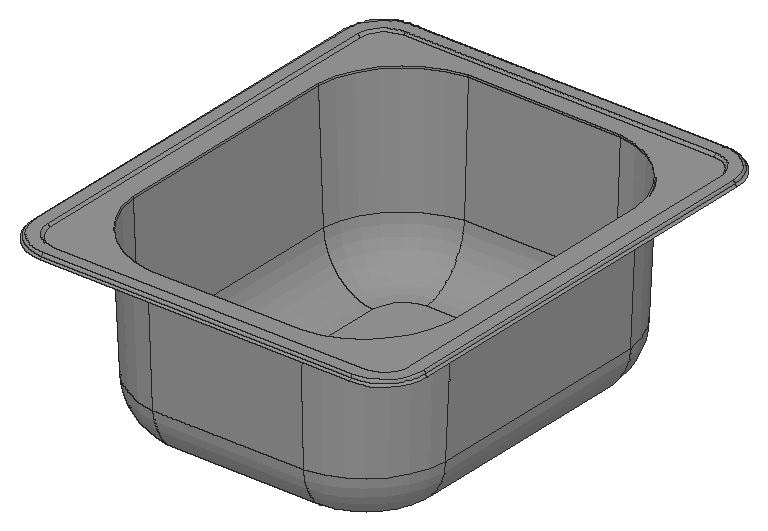
Revit family "Reece_Laundry Trough_Base_Inset Laundry Trough_Compact", category Plumbing Fixtures, host Face, Revit 2018
Family settings
  Host = Face
  Round Connector Dimension = Use Diameter
  Part Type = Normal
  Cut with Voids When Loaded = No
  Shared = Yes
  Room Calculation Point = Yes
Parameters (values of type "45 Litres_Stainless Steel")
  WFU = 0  # constant formula
  URL = "https://www.reece.com.au/product/-9504717"
  Type Comments = "Laundry Trough"
  Reece_Sink_Outlet = 40 mm  # constant formula
  Reece_Product_Web Page = "https://www.reece.com.au/product/-9504717"
  Reece_Product_Type = "Laundry Trough"
  Reece_Product_Sub Brand = "-"
  Reece_Product_Number = "9504717"
  Reece_Product_Mount = "Inset"
  Reece_Product_Description = "Base Compact Inset Laundry Trough 1 Taphole with Bypass 45 Litres Stainless Steel"
  Reece_Product_Brand = "Base"
  Reece_Overall_Width = 500 mm  # constant formula
  Reece_Overall_Length = 600 mm  # constant formula
  Reece_Overall_Height = 235 mm  # constant formula
  Reece_Overall_Capacity = 45.00 L  # constant formula
  Reece_Material_Secondary = Reece_Metal_Steel
  Reece_Material-Main = Reece_Metal_Steel
  Reece_Detail_Installation = ""
  Reece_Detail_Disclaimer = "THIS FILE IS THE PROPERTY OF THE REECE GROUP. IT MAY NOT BE REPRODUCED, REVERSE-ENGINEERED OR MODIFIED. ANY REPUBLICATION, TRANSMISSION OR DISTRIBUTION FOR THE PURPOSE OF COMMERCIALLY EXPLOITING THE FILES IS PROHIBITED."  # constant formula
  Reece_Detail_Connector = ""
  Reece_Detail_Additional = "Compact Trough"
  Model = "-"
  Manufacturer = "Base"
  Keynote = "Product #9504717, Reece_Laundry Trough_Base_Inset Laundry Trough_Compact - 45 Litres_Stainless Steel"
  HWFU = 0  # constant formula
  Disclaimer = "THIS FILE IS THE PROPERTY OF THE REECE GROUP. IT MAY NOT BE REPRODUCED, REVERSE-ENGINEERED OR MODIFIED. ANY REPUBLICATION, TRANSMISSION OR DISTRIBUTION FOR THE PURPOSE OF COMMERCIALLY EXPLOITING THE FILES IS PROHIBITED."  # constant formula
  Description = "Base Compact Inset Laundry Trough 1 Taphole with Bypass 45 Litres Stainless Steel"
  Default Elevation = 0 mm
  CWFU = 0  # constant formula
Types (2, lengths in mm): name | Keynote
  (no name) | "Product #9504717, Reece_Laundry Trough_Base_Inset Laundry Trough_Compact -  "
  45 Litres_Stainless Steel | "Product #9504717, Reece_Laundry Trough_Base_Inset Laundry Trough_Compact - 45 Litres_Stainless Steel"
Reference planes
  plane 1 "Center (Front/Back)": y = -79.125
  plane 2 "Top of surface": z = 0
  plane 3 "Center (Left/Right)": x = 0
  plane 4: y = 220.875
  plane 5: x = 250
  plane 6: x = -250
  plane 7: y = -379.125
  plane 8: z = 5
  plane 9 "Center L/U": z = -230
Forms (mm)
  Sweep 1, solid, material "Reece_Metal_Steel" <- "Reece_Material-Main"
    path origin (0, 0, 0) x (1, 0, 0) y (0, 1, 0)
      loop
        arc (-200, 220.875) -> (-235.355, 206.231) -> (-250, 170.875) r 50
        line (-250, 170.875) -> (-250, -329.125)
        arc (-250, -329.125) -> (-235.355, -364.48) -> (-200, -379.125) r 50
        line (-200, -379.125) -> (200, -379.125)
        arc (200, -379.125) -> (235.355, -364.48) -> (250, -329.125) r 50
        line (250, -329.125) -> (250, 170.875)
        arc (250, 170.875) -> (235.355, 206.231) -> (200, 220.875) r 50
        line (200, 220.875) -> (-200, 220.875)
    profile origin (-250, -79.125, 0) x (1, 0, 0) y (0, 0, 1)
      loop
        line (-5, 0) -> (18.5, 0) -> (28.5, 0) -> (28.5, 2) -> (18.5, 2) -> (15.5, 5) -> (0, 5)
        arc (0, 5) -> (-1.768, 4.268) -> (-2.5, 2.5) r 2.5
        arc (-2.5, 2.5) -> (-3.232, 0.732) -> (-5, 0) r 2.5
  Extrusion 2, void
    sketch origin (0, 0, 0) x (1, 0, 0) y (0, 1, 0)
      loop
        arc (-98.885, 184.255) -> (-175.28, 147.695) -> (-211.275, 71.033) r 126.007
        arc (-211.275, 71.033) -> (-218.507, -79.125) -> (-211.275, -229.282) r 1562.507
        arc (-211.275, -229.282) -> (-175.28, -305.944) -> (-98.885, -342.504) r 126.007
        arc (-98.885, -342.504) -> (0, -347.632) -> (98.885, -342.504) r 956.007
        arc (98.885, -342.504) -> (175.28, -305.944) -> (211.275, -229.282) r 126.007
        arc (211.275, -229.282) -> (218.507, -79.125) -> (211.275, 71.033) r 1562.507
        arc (211.275, 71.033) -> (175.28, 147.695) -> (98.885, 184.255) r 126.007
        arc (98.885, 184.255) -> (0, 189.383) -> (-98.885, 184.255) r 956.007
    from -266.642 to 0
  Revolve 3, solid, material "Reece_Metal_Steel" <- "Reece_Material-Main"
    sketch origin (0, -79.125, -51.084) x (1, 0, 0) y (0, 0, 1)
      loop
        line (18, -215.558) -> (20, -215.558) -> (20, -202.342)
        arc (20, -202.342) -> (33.772, -193.156) -> (45, -180.99) r 69.965
        line (45, -180.99) -> (42.511, -180.99)
        arc (42.511, -180.99) -> (31.445, -192.496) -> (18, -201.102) r 67.965
        line (18, -201.102) -> (18, -215.558)
      axis (0, -180.99) -> (0, -215.558)
    angle from 0 to 360
  Extrusion 4, void
    sketch origin (0, 0, -13.43) x (1, 0, 0) y (0, 1, 0)
      loop
        arc (-31.713, -77.625) -> (-33.213, -79.125) -> (-31.713, -80.625) r 1.5
        line (-31.713, -80.625) -> (-21.713, -80.625)
        arc (-21.713, -80.625) -> (-20.213, -79.125) -> (-21.713, -77.625) r 1.5
        line (-21.713, -77.625) -> (-31.713, -77.625)
      loop
        arc (-29.287, -66.869) -> (-31.21, -67.765) -> (-30.313, -69.688) r 1.5
        line (-30.313, -69.688) -> (-20.916, -73.108)
        arc (-20.916, -73.108) -> (-18.994, -72.212) -> (-19.89, -70.289) r 1.5
        line (-19.89, -70.289) -> (-29.287, -66.869)
      loop
        arc (-23.329, -57.591) -> (-25.442, -57.776) -> (-25.257, -59.889) r 1.5
        line (-25.257, -59.889) -> (-17.597, -66.317)
        arc (-17.597, -66.317) -> (-15.484, -66.132) -> (-15.669, -64.019) r 1.5
        line (-15.669, -64.019) -> (-23.329, -57.591)
      loop
        arc (-14.557, -50.911) -> (-15.987, -50.528) -> (-16.371, -51.958) r 1.047
        line (-16.371, -51.958) -> (-11.371, -60.618)
        arc (-11.371, -60.618) -> (-9.94, -61.001) -> (-9.557, -59.571) r 1.047
        line (-9.557, -59.571) -> (-14.557, -50.911)
      loop
        arc (-4.03, -47.633) -> (-5.767, -46.417) -> (-6.984, -48.154) r 1.5
        line (-6.984, -48.154) -> (-5.248, -58.002)
        arc (-5.248, -58.002) -> (-3.51, -59.219) -> (-2.293, -57.481) r 1.5
        line (-2.293, -57.481) -> (-4.03, -47.633)
      loop
        line (31.713, -77.625) -> (21.713, -77.625)
        arc (21.713, -77.625) -> (20.213, -79.125) -> (21.713, -80.625) r 1.5
        line (21.713, -80.625) -> (31.713, -80.625)
        arc (31.713, -80.625) -> (33.213, -79.125) -> (31.713, -77.625) r 1.5
      loop
        line (29.287, -66.869) -> (19.89, -70.289)
        arc (19.89, -70.289) -> (18.994, -72.212) -> (20.916, -73.108) r 1.5
        line (20.916, -73.108) -> (30.313, -69.688)
        arc (30.313, -69.688) -> (31.21, -67.765) -> (29.287, -66.869) r 1.5
      loop
        line (23.329, -57.591) -> (15.669, -64.019)
        arc (15.669, -64.019) -> (15.484, -66.132) -> (17.597, -66.317) r 1.5
        line (17.597, -66.317) -> (25.257, -59.889)
        arc (25.257, -59.889) -> (25.442, -57.776) -> (23.329, -57.591) r 1.5
      loop
        line (14.557, -50.911) -> (9.557, -59.571)
        arc (9.557, -59.571) -> (10.106, -61.62) -> (12.155, -61.071) r 1.5
        line (12.155, -61.071) -> (17.155, -52.411)
        arc (17.155, -52.411) -> (16.606, -50.362) -> (14.557, -50.911) r 1.5
      loop
        line (4.03, -47.633) -> (2.293, -57.481)
        arc (2.293, -57.481) -> (3.51, -59.219) -> (5.248, -58.002) r 1.5
        line (5.248, -58.002) -> (6.984, -48.154)
        arc (6.984, -48.154) -> (5.767, -46.417) -> (4.03, -47.633) r 1.5
      loop
        line (-29.287, -91.381) -> (-19.89, -87.96)
        arc (-19.89, -87.96) -> (-18.994, -86.038) -> (-20.916, -85.141) r 1.5
        line (-20.916, -85.141) -> (-30.313, -88.561)
        arc (-30.313, -88.561) -> (-31.21, -90.484) -> (-29.287, -91.381) r 1.5
      loop
        line (-23.329, -100.658) -> (-15.669, -94.23)
        arc (-15.669, -94.23) -> (-15.484, -92.117) -> (-17.597, -91.932) r 1.5
        line (-17.597, -91.932) -> (-25.257, -98.36)
        arc (-25.257, -98.36) -> (-25.442, -100.473) -> (-23.329, -100.658) r 1.5
      loop
        line (-14.557, -107.339) -> (-9.557, -98.678)
        arc (-9.557, -98.678) -> (-10.106, -96.629) -> (-12.155, -97.178) r 1.5
        line (-12.155, -97.178) -> (-17.155, -105.839)
        arc (-17.155, -105.839) -> (-16.606, -107.888) -> (-14.557, -107.339) r 1.5
      loop
        line (-4.03, -110.616) -> (-2.293, -100.768)
        arc (-2.293, -100.768) -> (-3.51, -99.03) -> (-5.248, -100.247) r 1.5
        line (-5.248, -100.247) -> (-6.984, -110.095)
        arc (-6.984, -110.095) -> (-5.767, -111.833) -> (-4.03, -110.616) r 1.5
      loop
        arc (29.287, -91.381) -> (31.21, -90.484) -> (30.313, -88.561) r 1.5
        line (30.313, -88.561) -> (20.916, -85.141)
        arc (20.916, -85.141) -> (18.994, -86.038) -> (19.89, -87.96) r 1.5
        line (19.89, -87.96) -> (29.287, -91.381)
      loop
        arc (23.329, -100.658) -> (25.442, -100.473) -> (25.257, -98.36) r 1.5
        line (25.257, -98.36) -> (17.597, -91.932)
        arc (17.597, -91.932) -> (15.484, -92.117) -> (15.669, -94.23) r 1.5
        line (15.669, -94.23) -> (23.329, -100.658)
      loop
        arc (14.557, -107.339) -> (16.606, -107.888) -> (17.155, -105.839) r 1.5
        line (17.155, -105.839) -> (12.155, -97.178)
        arc (12.155, -97.178) -> (10.106, -96.629) -> (9.557, -98.678) r 1.5
        line (9.557, -98.678) -> (14.557, -107.339)
      loop
        arc (4.03, -110.616) -> (5.767, -111.833) -> (6.984, -110.095) r 1.5
        line (6.984, -110.095) -> (5.248, -100.247)
        arc (5.248, -100.247) -> (3.51, -99.03) -> (2.293, -100.768) r 1.5
        line (2.293, -100.768) -> (4.03, -110.616)
    from -242.072 to -216.57
  Revolve 5, solid, material "Reece_Metal_Steel" <- "Reece_Material_Secondary"
    sketch origin (0, -79.125, -55.413) x (1, 0, 0) y (0, 0, 1)
      loop
        line (0, -191.338) -> (16.998, -191.338)
        arc (16.998, -191.338) -> (28.197, -187.597) -> (34.898, -177.876) r 18.633
        line (34.898, -177.876) -> (36.003, -177.876) -> (36.003, -176.662) -> (47.722, -176.662) -> (50.998, -176.662) -> (50.998, -175.662) -> (35.604, -175.662)
        arc (35.604, -175.662) -> (35.179, -175.838) -> (35.003, -176.263) r 0.601
        line (35.003, -176.263) -> (35.003, -177.22)
        arc (35.003, -177.22) -> (34.5, -176.717) -> (33.998, -177.22) r 0.503
        arc (33.998, -177.22) -> (27.683, -186.565) -> (16.998, -190.172) r 17.633
        line (16.998, -190.172) -> (3.95, -190.172)
        arc (3.95, -190.172) -> (2.139, -183.549) -> (1.843, -176.689) r 30.745
        line (1.843, -176.689) -> (3.708, -176.689)
        arc (3.708, -176.689) -> (4.213, -176.254) -> (3.848, -175.696) r 0.506
        arc (3.848, -175.696) -> (1.942, -175.304) -> (0, -175.173) r 14.401
        line (0, -175.173) -> (0, -191.338)
      axis (0, -175.173) -> (0, -191.338)
    angle from 0 to 360
  Sweep 6, solid, material "Reece_Metal_Steel" <- "Reece_Material-Main"
    path in 3D
      loop
        arc (-60, -79.125, -229) -> (0, -139.125, -229) -> (60, -79.125, -229) r 60
        arc (60, -79.125, -229) -> (0, -19.125, -229) -> (-60, -79.125, -229) r 60
    profile origin (-60, -79.125, -229) x (1, 0, 0) y (0, 0, 1)
      loop
        line (0, 0) -> (0, -1) -> (15, -6.16) -> (15, -5.16) -> (0, 0)
  Extrusion 7, solid, material "Reece_Metal_Steel" <- "Reece_Material-Main"
    sketch origin (79.125, -752.913, 0) x (0, -1, 0) y (1, 0, 0)
      loop
        circle (-673.789, -79.125) r 60
      loop
        arc (-816.018, -208.29) -> (-673.789, -215.14) -> (-531.559, -208.29) r 1480.015
        arc (-531.559, -208.29) -> (-505.084, -195.859) -> (-492.459, -169.477) r 43.515
        arc (-492.459, -169.477) -> (-487.773, -79.125) -> (-492.459, 11.228) r 873.515
        arc (-492.459, 11.228) -> (-505.084, 37.61) -> (-531.559, 50.041) r 43.515
        arc (-531.559, 50.041) -> (-673.789, 56.891) -> (-816.018, 50.041) r 1480.015
        arc (-816.018, 50.041) -> (-842.493, 37.61) -> (-855.118, 11.228) r 43.515
        arc (-855.118, 11.228) -> (-859.804, -79.125) -> (-855.118, -169.477) r 873.515
        arc (-855.118, -169.477) -> (-842.493, -195.859) -> (-816.018, -208.29) r 43.515
    from -230 to -229
  Extrusion 8, solid, material "Reece_Metal_Steel" <- "Reece_Material-Main"
    sketch origin (82.503, -787.16, 0) x (0, -1, 0) y (1, 0, 0)
      loop
        arc (-979.536, -282.503) -> (-973.239, -297.706) -> (-958.036, -304.003) r 21.5
        line (-958.036, -304.003) -> (-458.036, -304.003)
        arc (-458.036, -304.003) -> (-442.833, -297.706) -> (-436.536, -282.503) r 21.5
        line (-436.536, -282.503) -> (-436.536, 117.497)
        arc (-436.536, 117.497) -> (-442.833, 132.7) -> (-458.036, 138.997) r 21.5
        line (-458.036, 138.997) -> (-958.036, 138.997)
        arc (-958.036, 138.997) -> (-973.239, 132.7) -> (-979.536, 117.497) r 21.5
        line (-979.536, 117.497) -> (-979.536, -282.503)
      loop
        arc (-965.44, 15.761) -> (-970.536, -82.503) -> (-965.44, -180.767) r 950
        arc (-965.44, -180.767) -> (-930.623, -253.519) -> (-857.616, -287.799) r 120
        arc (-857.616, -287.799) -> (-708.036, -295.003) -> (-558.456, -287.799) r 1556.5
        arc (-558.456, -287.799) -> (-485.448, -253.519) -> (-450.631, -180.767) r 120
        arc (-450.631, -180.767) -> (-445.536, -82.503) -> (-450.631, 15.761) r 950
        arc (-450.631, 15.761) -> (-485.448, 88.513) -> (-558.456, 122.793) r 120
        arc (-558.456, 122.793) -> (-708.036, 129.997) -> (-857.616, 122.793) r 1556.5
        arc (-857.616, 122.793) -> (-930.623, 88.513) -> (-965.44, 15.761) r 120
    from 0 to 2
  Sweep 9, solid, material "Reece_Metal_Steel" <- "Reece_Material-Main"
    path origin (82.497, -787.16, 0) x (0, -1, 0) y (1, 0, 0)
      loop
        arc (-965.44, -180.76) -> (-930.623, -253.513) -> (-857.616, -287.793) r 120
        arc (-857.616, -287.793) -> (-708.036, -294.997) -> (-558.456, -287.793) r 1556.5
        arc (-558.456, -287.793) -> (-485.448, -253.513) -> (-450.631, -180.76) r 120
        arc (-450.631, -180.76) -> (-445.536, -82.497) -> (-450.631, 15.767) r 950
        arc (-450.631, 15.767) -> (-485.448, 88.52) -> (-558.456, 122.799) r 120
        arc (-558.456, 122.799) -> (-708.036, 130.003) -> (-857.616, 122.799) r 1556.5
        arc (-857.616, 122.799) -> (-930.623, 88.52) -> (-965.44, 15.767) r 120
        arc (-965.44, 15.767) -> (-970.536, -82.497) -> (-965.44, -180.76) r 950
    profile origin (0, 183.375, 0) x (0, 1, 0) y (0, 0, 1)
      loop
        line (-76.485, -229) -> (-76.485, -230)
        arc (-76.485, -230) -> (-27.727, -210.421) -> (-6.051, -162.558) r 70.5
        line (-6.051, -162.558) -> (1.007, 0) -> (0.006, 0) -> (-7.05, -162.515)
        arc (-7.05, -162.515) -> (-28.419, -209.699) -> (-76.485, -229) r 69.5
Cuts and joins
  Extrusion 2 cuts Sweep 1
  joined: Sweep 1, Extrusion 7, Extrusion 8, Sweep 9
  Extrusion 4 cuts Revolve 5
Lines and regions (mm)
  model lines
    curve 1: arc (-220, 169.875, 2) -> (-199, 190.875, 2) -> (-178, 169.875, 2) r 21
    curve 2: arc (-178, 169.875, 2) -> (-199, 148.875, 2) -> (-220, 169.875, 2) r 21
    curve 3: arc (220, 169.875, 2) -> (199, 190.875, 2) -> (178, 169.875, 2) r 21
    curve 4: arc (178, 169.875, 2) -> (199, 148.875, 2) -> (220, 169.875, 2) r 21
  sketch lines
    curve 5: arc (60, -79.125, -229) -> (0, -19.125, -229) -> (-60, -79.125, -229) r 60
    curve 6: arc (-60, -79.125, -229) -> (0, -139.125, -229) -> (60, -79.125, -229) r 60
Text (mm)
  text "Reece Copyright © 2018, Reece Ltd." at (-902.343, -740.328, 0), in view "Ref. Level"
  text "Reece ©" at (55.762, 247.572, 169.589), in view "Reece Preview"
Dimensions and locks
  equal spacing: plane 6, plane 3 "Center (Left/Right)", plane 5
  "Reece_Overall_Width": plane 6 to plane 5
  "Reece_Overall_Length": plane 4 to plane 7
  equal spacing: plane 4, plane 1 "Center (Front/Back)", plane 7
  "Reece_Overall_Height": plane 8 to plane 9 "Center L/U"
  aligned and locked: plane 2 "Top of surface" to host face
  aligned and locked: level to host face
  aligned and locked: plane 6 to Sweep 1 sketch curve
  aligned and locked: Sweep 1 sketch curve to plane 4
  aligned and locked: Sweep 1 sketch curve to plane 5
  aligned and locked: Sweep 1 sketch curve to plane 7
  aligned and locked: Extrusion 2 to Revolve 3
Automatic sketch dimensions
  host sketch curve to host sketch curve = 801.051 mm
  host sketch curve to host sketch curve = 722.674 mm
  Sweep 1 sketch curve to plane 6 = 50 mm  (x2)
  Sweep 1 sketch curve to plane 4 = 50 mm
  Sweep 1 sketch curve to plane 5 = 50 mm
  Sweep 1 sketch curve to level = 0 mm
  profile plane to Sweep 1 sketch curve = 0 mm
  Sweep 1 sketch curve to Sweep 1 sketch curve = 15.5 mm
  level to Sweep 1 sketch curve = 2 mm
  Sweep 1 sketch curve to Sweep 1 sketch curve = 3 mm
  Sweep 1 sketch curve to Sweep 1 sketch curve = 0 mm  (x2)
  Sweep 1 sketch curve to Sweep 1 sketch curve = 10 mm
  profile plane to Sweep 1 sketch curve = 5 mm
  Sweep 1 sketch curve to Sweep 1 sketch curve = 2.5 mm
  Extrusion 4 sketch curve to plane 1 "Center (Front/Back)" = 1.5 mm
  Extrusion 4 sketch curve to plane 5 = 281.713 mm
  Extrusion 4 sketch curve to plane 1 "Center (Front/Back)" = 9.437 mm  (x2)
  Extrusion 4 sketch curve to Extrusion 4 sketch curve = 1.399 mm  (x3)
  plane 1 "Center (Front/Back)" to Extrusion 4 sketch curve = 9.437 mm  (x2)
  Extrusion 4 sketch curve to Extrusion 4 sketch curve = 0.513 mm  (x16)
  plane 1 "Center (Front/Back)" to Extrusion 4 sketch curve = 12.256 mm  (x2)
  Extrusion 4 sketch curve to plane 1 "Center (Front/Back)" = 12.256 mm  (x2)
  plane 1 "Center (Front/Back)" to Extrusion 4 sketch curve = 19.235 mm  (x2)
  Extrusion 4 sketch curve to Extrusion 4 sketch curve = 4.03 mm  (x4)
  Extrusion 4 sketch curve to plane 1 "Center (Front/Back)" = 19.235 mm  (x2)
  Extrusion 4 sketch curve to Extrusion 4 sketch curve = 0.964 mm  (x16)
  Extrusion 4 sketch curve to plane 1 "Center (Front/Back)" = 21.534 mm  (x2)
  plane 1 "Center (Front/Back)" to Extrusion 4 sketch curve = 21.534 mm  (x2)
  Extrusion 4 sketch curve to Extrusion 4 sketch curve = 10 mm
  Extrusion 4 sketch curve to plane 1 "Center (Front/Back)" = 6.017 mm  (x2)
  Extrusion 4 sketch curve to Extrusion 4 sketch curve = 0.796 mm  (x3)
  plane 1 "Center (Front/Back)" to Extrusion 4 sketch curve = 6.017 mm  (x2)
  Extrusion 4 sketch curve to plane 1 "Center (Front/Back)" = 8.836 mm  (x2)
  plane 1 "Center (Front/Back)" to Extrusion 4 sketch curve = 8.836 mm  (x2)
  plane 1 "Center (Front/Back)" to Extrusion 4 sketch curve = 12.808 mm  (x2)
  Extrusion 4 sketch curve to Extrusion 4 sketch curve = 2.293 mm  (x4)
  Extrusion 4 sketch curve to plane 1 "Center (Front/Back)" = 12.808 mm  (x2)
  plane 1 "Center (Front/Back)" to Extrusion 4 sketch curve = 26.714 mm  (x2)
  Extrusion 4 sketch curve to Extrusion 4 sketch curve = 6.174 mm  (x3)
  Extrusion 4 sketch curve to plane 1 "Center (Front/Back)" = 27.167 mm
  Extrusion 4 sketch curve to Extrusion 4 sketch curve = 6.958 mm
  Extrusion 4 sketch curve to Extrusion 4 sketch curve = 1.299 mm  (x12)
  Extrusion 4 sketch curve to Extrusion 4 sketch curve = 0.907 mm  (x4)
  plane 1 "Center (Front/Back)" to Extrusion 4 sketch curve = 15.106 mm  (x2)
  Extrusion 4 sketch curve to plane 1 "Center (Front/Back)" = 15.106 mm  (x2)
  Extrusion 4 sketch curve to plane 1 "Center (Front/Back)" = 28.214 mm  (x2)
  plane 1 "Center (Front/Back)" to Extrusion 4 sketch curve = 28.214 mm  (x2)
  plane 1 "Center (Front/Back)" to Extrusion 4 sketch curve = 18.054 mm  (x2)
  Extrusion 4 sketch curve to Extrusion 4 sketch curve = 3.513 mm  (x3)
  Extrusion 4 sketch curve to plane 1 "Center (Front/Back)" = 18.507 mm
  Extrusion 4 sketch curve to Extrusion 4 sketch curve = 4.298 mm
  Extrusion 4 sketch curve to plane 1 "Center (Front/Back)" = 19.554 mm  (x2)
  plane 1 "Center (Front/Back)" to Extrusion 4 sketch curve = 19.554 mm  (x2)
  Extrusion 4 sketch curve to plane 1 "Center (Front/Back)" = 30.97 mm  (x2)
  Extrusion 4 sketch curve to Extrusion 4 sketch curve = 7.573 mm  (x4)
  plane 1 "Center (Front/Back)" to Extrusion 4 sketch curve = 30.97 mm  (x2)
  Extrusion 4 sketch curve to Extrusion 4 sketch curve = 1.477 mm  (x16)
  plane 1 "Center (Front/Back)" to Extrusion 4 sketch curve = 21.122 mm  (x2)
  Extrusion 4 sketch curve to Extrusion 4 sketch curve = 4.31 mm  (x4)
  Extrusion 4 sketch curve to plane 1 "Center (Front/Back)" = 21.122 mm  (x2)
  plane 1 "Center (Front/Back)" to Extrusion 4 sketch curve = 31.491 mm  (x2)
  Extrusion 4 sketch curve to plane 1 "Center (Front/Back)" = 31.491 mm  (x2)
  Extrusion 4 sketch curve to plane 1 "Center (Front/Back)" = 21.643 mm  (x2)
  plane 1 "Center (Front/Back)" to Extrusion 4 sketch curve = 21.643 mm  (x2)
  Extrusion 4 sketch curve to Extrusion 4 sketch curve = 4.586 mm  (x2)
  Extrusion 4 sketch curve to Extrusion 4 sketch curve = 8.059 mm  (x2)
  Extrusion 4 sketch curve to plane 1 "Center (Front/Back)" = 18.054 mm
  Extrusion 4 sketch curve to plane 1 "Center (Front/Back)" = 26.714 mm
  Extrusion 4 sketch curve to Extrusion 4 sketch curve = 7.937 mm
  Extrusion 4 sketch curve to Extrusion 4 sketch curve = 3 mm
  Extrusion 4 sketch curve to Extrusion 4 sketch curve = 1.5 mm
  curve 1 to curve 2 = 0 mm  (x2)
  curve 3 to curve 4 = 0 mm  (x2)
  curve 2 to Sweep 1 = 22.5 mm
  curve 3 to Sweep 1 = 22.5 mm  (x2)
  curve 1 to Sweep 1 = 22.5 mm
  curve 2 to Sweep 1 = 1.5 mm
  curve 4 to curve 3 = 21 mm
  profile plane to Sweep 6 sketch curve = 0 mm
  Sweep 6 sketch curve to profile plane = 0 mm
  Sweep 6 sketch curve to profile plane = 5.16 mm
  Sweep 6 sketch curve to profile plane = 15 mm
  Sweep 6 sketch curve to Sweep 6 sketch curve = 1 mm
  Sweep 6 sketch curve to profile plane = 1 mm
  Revolve 3 sketch curve to Revolve 3 sketch curve = 0 mm  (x2)
  Revolve 3 sketch curve to plane 3 "Center (Left/Right)" = 11.666 mm
  plane 3 "Center (Left/Right)" to Revolve 3 sketch curve = 18 mm
  Revolve 3 sketch curve to Revolve 3 sketch curve = 2 mm
  Revolve 3 sketch curve to plane 9 "Center L/U" = 2.074 mm
  Revolve 3 sketch curve to Revolve 3 sketch curve = 22.511 mm
  Revolve 3 sketch curve to Revolve 3 sketch curve = 2.489 mm
  Revolve 3 sketch curve to plane 9 "Center L/U" = 22.186 mm
  Revolve 3 sketch curve to Revolve 3 sketch curve = 13.216 mm
  Revolve 3 sketch curve to plane 3 "Center (Left/Right)" = 0 mm
  Revolve 3 sketch curve to plane 9 "Center L/U" = 5.084 mm
  plane 9 "Center L/U" to Revolve 3 sketch curve = 5.907 mm
  Revolve 5 sketch curve to plane 3 "Center (Left/Right)" = 0 mm  (x2)
  plane 3 "Center (Left/Right)" to Revolve 5 sketch curve = 1.843 mm
  Revolve 5 sketch curve to Revolve 5 sketch curve = 1.865 mm
  Revolve 5 sketch curve to Revolve 5 sketch curve = 0.005 mm
  plane 3 "Center (Left/Right)" to Revolve 5 sketch curve = 3.95 mm
  plane 9 "Center L/U" to Revolve 5 sketch curve = 2.048 mm
  Revolve 5 sketch curve to Revolve 5 sketch curve = 13.285 mm
  Revolve 5 sketch curve to Revolve 5 sketch curve = 0 mm
  Revolve 5 sketch curve to plane 9 "Center L/U" = 4.214 mm
  Revolve 5 sketch curve to Revolve 5 sketch curve = 15.518 mm
  Revolve 5 sketch curve to Revolve 5 sketch curve = 1.985 mm
  Revolve 5 sketch curve to Revolve 5 sketch curve = 0.398 mm
  Revolve 5 sketch curve to Revolve 5 sketch curve = 0.503 mm
  Revolve 5 sketch curve to Revolve 5 sketch curve = 0.601 mm
  Revolve 5 sketch curve to Revolve 5 sketch curve = 1.104 mm
  Revolve 5 sketch curve to plane 9 "Center L/U" = 2.074 mm
  Revolve 5 sketch curve to Revolve 5 sketch curve = 11.719 mm
  Revolve 5 sketch curve to plane 9 "Center L/U" = 1.074 mm
  Revolve 5 sketch curve to Revolve 5 sketch curve = 3.275 mm
  Revolve 5 sketch curve to plane 9 "Center L/U" = 14.987 mm
  Revolve 5 sketch curve to Revolve 5 sketch curve = 0.598 mm
  Revolve 5 sketch curve to Revolve 5 sketch curve = 1.764 mm
  Revolve 5 sketch curve to Revolve 5 sketch curve = 0.656 mm
  Revolve 5 sketch curve to Revolve 5 sketch curve = 0.506 mm
  Revolve 5 sketch curve to plane 9 "Center L/U" = 0.586 mm
  Revolve 5 sketch curve to Revolve 5 sketch curve = 5.574 mm
  plane 9 "Center L/U" to Revolve 5 sketch curve = 1.578 mm
  Extrusion 8 sketch curve to plane 3 "Center (Left/Right)" = 0 mm  (x2)
  plane 1 "Center (Front/Back)" to Extrusion 8 sketch curve = 0 mm
  Extrusion 8 sketch curve to plane 1 "Center (Front/Back)" = 0 mm
  Extrusion 8 sketch curve to plane 1 "Center (Front/Back)" = 138.048 mm  (x2)
  Extrusion 8 sketch curve to plane 4 = 50 mm  (x2)
  Extrusion 8 sketch curve to plane 6 = 28.5 mm
  Extrusion 8 sketch curve to Extrusion 8 sketch curve = 21.5 mm  (x2)
  plane 4 to Extrusion 8 sketch curve = 387.5 mm
  plane 1 "Center (Front/Back)" to Extrusion 8 sketch curve = 138.048 mm
  Extrusion 8 sketch curve to plane 7 = 161.952 mm
  Extrusion 8 sketch curve to plane 7 = 50 mm  (x2)
  Extrusion 8 sketch curve to plane 5 = 28.5 mm
  plane 7 to Extrusion 8 sketch curve = 387.5 mm
  plane 6 to Extrusion 8 sketch curve = 1094 mm
  Extrusion 8 sketch curve to plane 3 "Center (Left/Right)" = 85.851 mm  (x2)
  plane 3 "Center (Left/Right)" to Extrusion 8 sketch curve = 85.851 mm  (x2)
  plane 5 to Extrusion 8 sketch curve = 1094 mm
  Extrusion 8 sketch curve to plane 6 = 44.704 mm
  Extrusion 8 sketch curve to plane 5 = 44.704 mm
  Extrusion 8 sketch curve to Extrusion 8 sketch curve = 0 mm  (x6)
  Sweep 9 sketch curve to Sweep 9 sketch curve = 0 mm  (x8)
  Sweep 9 sketch curve to profile plane = 0 mm
  profile plane to Sweep 9 sketch curve = 76.485 mm
  profile plane to Sweep 9 sketch curve = 7.05 mm
  Sweep 9 sketch curve to Sweep 9 sketch curve = 0.999 mm
  Sweep 9 sketch curve to profile plane = 0.006 mm
  Sweep 9 sketch curve to Sweep 9 sketch curve = 1.001 mm
  Sweep 9 sketch curve to profile plane = 159.5 mm
  Sweep 9 sketch curve to Sweep 9 sketch curve = 3.015 mm
  Sweep 9 sketch curve to Sweep 9 sketch curve = 0.043 mm
  Sweep 9 sketch curve to plane 3 "Center (Left/Right)" = 0 mm  (x2)
  plane 1 "Center (Front/Back)" to Sweep 9 sketch curve = 0 mm
  Sweep 9 sketch curve to plane 1 "Center (Front/Back)" = 0 mm
  Sweep 9 sketch curve to plane 1 "Center (Front/Back)" = 138.048 mm  (x2)
  plane 4 to Sweep 9 sketch curve = 387.5 mm
  plane 1 "Center (Front/Back)" to Sweep 9 sketch curve = 138.048 mm  (x2)
  plane 7 to Sweep 9 sketch curve = 387.5 mm
  Sweep 9 sketch curve to plane 3 "Center (Left/Right)" = 85.851 mm  (x2)
  plane 6 to Sweep 9 sketch curve = 1094 mm
  plane 3 "Center (Left/Right)" to Sweep 9 sketch curve = 85.851 mm  (x2)
  plane 5 to Sweep 9 sketch curve = 1094 mm
  Sweep 9 sketch curve to plane 6 = 44.704 mm
  Sweep 9 sketch curve to plane 5 = 44.704 mm
  Extrusion 7 sketch curve to plane 3 "Center (Left/Right)" = 0 mm  (x3)
  plane 1 "Center (Front/Back)" to Extrusion 7 sketch curve = 0 mm  (x2)
  Extrusion 7 sketch curve to plane 1 "Center (Front/Back)" = 60 mm
  Extrusion 7 sketch curve to Extrusion 7 sketch curve = 4.182 mm  (x2)
  Extrusion 7 sketch curve to Extrusion 7 sketch curve = 0 mm  (x7)
  Extrusion 7 sketch curve to Extrusion 7 sketch curve = 43.282 mm  (x3)
  Extrusion 7 sketch curve to plane 1 "Center (Front/Back)" = 0 mm
  plane 4 to Extrusion 7 sketch curve = 387.5 mm
  Extrusion 7 sketch curve to plane 3 "Center (Left/Right)" = 85.851 mm
  Extrusion 7 sketch curve to Extrusion 7 sketch curve = 78.048 mm  (x4)
  plane 7 to Extrusion 7 sketch curve = 387.5 mm
  plane 6 to Extrusion 7 sketch curve = 1094 mm
  Extrusion 2 sketch curve to plane 1 "Center (Front/Back)" = 0 mm
  Extrusion 2 sketch curve to plane 3 "Center (Left/Right)" = 0 mm  (x2)
  plane 1 "Center (Front/Back)" to Extrusion 2 sketch curve = 0 mm
  plane 6 to Extrusion 2 sketch curve = 1094 mm
  Extrusion 2 sketch curve to plane 3 "Center (Left/Right)" = 85.851 mm  (x2)
  plane 3 "Center (Left/Right)" to Extrusion 2 sketch curve = 85.851 mm  (x2)
  plane 5 to Extrusion 2 sketch curve = 1094 mm
  plane 7 to Extrusion 2 sketch curve = 387.5 mm
  plane 1 "Center (Front/Back)" to Extrusion 2 sketch curve = 138.048 mm  (x2)
  Extrusion 2 sketch curve to plane 1 "Center (Front/Back)" = 138.048 mm  (x2)
  plane 4 to Extrusion 2 sketch curve = 387.5 mm
  Extrusion 2 sketch curve to plane 6 = 38.725 mm  (x2)
  Extrusion 2 sketch curve to Extrusion 2 sketch curve = 0 mm  (x6)
Connectors
  piping at (0, -79.125, -266.642), diameter 40, driven by "Reece_Sink_Outlet"
    settings: on Revolve 3, index 1, connector inside diameter 609.6 mm, connector length 0 mm, flow factor 0, pipe flow 0.0 L/s, pressure drop 0.0 Pa, fitting loss kfactor 0, connector angle 0.00°, fixture units 0, engagement length 0 mm, angle of deflection 0.00°, flow configuration 0, flow direction 0, fitting loss method 0, system type 16, joint type 0, gender type 0, connector reference index -1, connector utility 0, adjustable connector no, is connector primary yes, connector description ""
